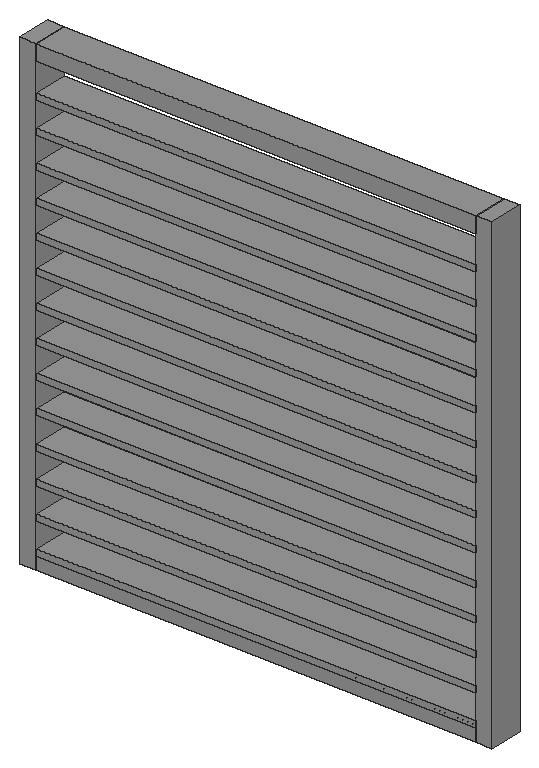
Revit family "DuctAccessories_FireDamper_Kilargo_IFD44", category Duct Accessories, Revit 2014
Parameters
  ZoneServed = ""
  WidthMin = 45 mm  # constant formula
  WidthMax = 1800 mm  # constant formula
  Width [instance] = 600 mm
  WarrantyStartDate = ""
  WarrantyDurationMonths = 0
  URL = "http://www.kilargo.com.au/"
  SystemServed = ""
  StandardsCompliance = ""
  QuanitySurveyorElementID = ""
  ProductCode = ""
  PrecommissioningInspectionTestPlan = ""
  OmniClassElementNumber = ""
  OmniClassElementName = ""
  NoOfBlades [instance] = rounddown((Height - 2 * ChannelWidth) / (BladeThickness * BladeThicknessMultiplier))  # 14
  ModifiedIssue_ANZRS = 20150115.74  # constant formula
  Manufacturer = "Kilargo"  # constant formula
  Location = ""
  Installer = ""
  InstallationDate = ""
  InspectionPanelInstalled = yes
  HeightMin [instance] = 45 mm  # constant formula
  HeightMax [instance] = 1800 mm  # constant formula
  Height [instance] = 600 mm
  FactoryWitnessTest = ""
  FactoryCertificationTest = ""
  ExpectedServiceLifeYears = 0
  DesignClass = ""
  DepthMin = 44 mm  # constant formula
  DepthMax = 44 mm  # constant formula
  Depth = 44 mm
  DamperMaterial = Kilargo_Galvanized_StainlessSteel
  CreatedByURL_ANZRS = "www.thinkbimmepaus.com.au"
  CreatedBy = "A2K Technologies"  # constant formula
  CommissioningTechnician = ""
  CommissioningInspectionTestReport = ""
  CommissioningDate = ""
  ChannelWidth [instance] = if(Height > 250 mm, 20 mm, if(Height > 140 mm, 10 mm, 2.5 mm))  # 20 mm
  Certification = ""
  BladeThicknessMultiplier [instance] = if(Height > 250 mm, 5, if(Height > 140 mm, 4, 3))  # 5
  BladeThickness [instance] = if(Height > 250 mm, 8 mm, if(Height > 140 mm, 6 mm, 1.3 mm))  # 8 mm
  BladeMaterial = Kilargo_Galvanized_StainlessSteel
  BladeDistance [instance] = BladeThicknessMultiplier * BladeThickness  # 40 mm
  Barcode = ""
  AssetIdentifier = ""
Reference planes
  plane 1 "Center (Front/Back)": y = 0
  plane 2: z = 0
  plane 3 "Center (Left/Right)": x = 0
  plane 4: z = 300
  plane 5: z = -300
  plane 6: x = 300
  plane 7: x = -300
  plane 8: x = 280
  plane 9: x = -280
  plane 10: z = 280
  plane 11: z = -280
  plane 12: y = -22
  plane 13: y = 22
Forms (mm)
  Extrusion 1, solid, material "Kilargo_Galvanized_StainlessSteel" <- "DamperMaterial", detail levels fine
    sketch origin (-962.522, -1524, 300) x (-1, 0, 0) y (0, -1, 0)
      loop
        line (-662.522, -1546) -> (-662.522, -1502) -> (-682.522, -1502) -> (-682.522, -1546) -> (-662.522, -1546)
      loop
        line (-1242.522, -1546) -> (-1242.522, -1502) -> (-1262.522, -1502) -> (-1262.522, -1546) -> (-1242.522, -1546)
    from 0 to -600
  Extrusion 2, solid, material "Kilargo_Galvanized_StainlessSteel" <- "DamperMaterial", detail levels fine
    sketch origin (200, -1524, 962.522) x (0, 0, 1) y (0, -1, 0)
      loop
        line (-662.522, -1546) -> (-662.522, -1502) -> (-682.522, -1502) -> (-682.522, -1546) -> (-662.522, -1546)
      loop
        line (-1242.522, -1546) -> (-1242.522, -1502) -> (-1262.522, -1502) -> (-1262.522, -1546) -> (-1242.522, -1546)
    from 80 to -480
  Extrusion 3, solid, material "Kilargo_Galvanized_StainlessSteel" <- "DamperMaterial", detail levels coarse+medium
    sketch origin (-495.833, 22, 1200) x (-1, 0, 0) y (0, 0, 1)
      loop
        line (-795.833, -900) -> (-795.833, -1500) -> (-195.833, -1500) -> (-195.833, -900) -> (-795.833, -900)
    from 0 to -44
Lines and regions (mm)
  symbolic lines, style "DuctAccessory", detail levels coarse
    curve 1: line (-280, 22, 0) -> (280, 22, 0)
    curve 2: line (-280, -22, 0) -> (280, -22, 0)
    curve 3: line (300, 0, 0) -> (-300, 0, 0)
    curve 4: line (300, 0, 0) -> (300, -22, 0)
    curve 5: line (-300, 0, 0) -> (-300, 22, 0)
    curve 6: circle (0, 0, 0) r 22 normal (0, 0, 1)
  symbolic lines, detail levels medium+fine
    curve 7: line (-300, -22, 0) -> (-300, 22, 0)
    curve 8: line (-300, 22, 0) -> (300, 22, 0)
    curve 9: line (300, 22, 0) -> (300, -22, 0)
  model lines, detail levels coarse
    curve 10: line (300, -22, -300) -> (-300, -22, 300)
    curve 11: line (300, -22, 300) -> (-300, -22, -300)
  symbolic lines, style "DuctAccessory"
    curve 12: line (300, -22, 0) -> (-300, -22, 0)
Dimensions and locks
  equal spacing: plane 6, plane 3 "Center (Left/Right)", plane 7
  equal spacing: plane 4, level, plane 5
  "Height": plane 4 to plane 5
  "Width": plane 7 to plane 6
  "ChannelWidth": plane 9 to plane 7
  "ChannelWidth": plane 6 to plane 8
  "ChannelWidth": plane 11 to plane 5
  "ChannelWidth": plane 4 to plane 10
  equal spacing: plane 13, plane 1 "Center (Front/Back)", plane 12
  "Depth": plane 13 to plane 12
  plane 10 to nested 1 = 40 mm
  equal spacing: group 1, group 2, group 3, group 4, group 5, group 6, group 7, group 8, group 9, group 10, group 11, group 12, group 13, group 14  (x2)
  equal spacing: group 14, group 13, group 12, group 11, group 10, group 9, group 8, group 7, group 6, group 5, group 4, group 3, group 2, group 1
  "BladeDistance": plane 10 to nested 1
  "BladeDistance": nested 1 to nested 2
  aligned and locked: level to plane 2
  aligned and locked: Extrusion 1 sketch curve to plane 13  (x2)
  aligned and locked: plane 7 to Extrusion 1 sketch curve
  aligned and locked: plane 12 to Extrusion 1 sketch curve  (x2)
  aligned and locked: plane 9 to Extrusion 1 sketch curve
  aligned and locked: plane 8 to Extrusion 1 sketch curve
  aligned and locked: Extrusion 1 sketch curve to plane 6
  aligned and locked: Extrusion 1 to plane 5
  aligned and locked: Extrusion 2 to plane 9
  aligned and locked: Extrusion 2 to plane 8
  aligned and locked: plane 4 to Extrusion 2
  aligned and locked: Extrusion 2 to plane 10
  aligned and locked: Extrusion 2 to plane 11
  aligned and locked: Extrusion 2 to plane 5
  aligned and locked: Extrusion 3 sketch curve to Extrusion 1  (x4)
  aligned and locked: Extrusion 3 to plane 12
  aligned and locked: plane 10 to Extrusion 2  (x2)
  aligned and locked: curve 7 to Extrusion 1
  aligned and locked: plane 11 to Extrusion 2
  aligned and locked: plane 6 to curve 11
  aligned and locked: plane 7 to curve 10
Automatic sketch dimensions
  Extrusion 2 sketch curve to plane 5 = 0 mm
  plane 11 to Extrusion 2 sketch curve = 0 mm
  Extrusion 2 sketch curve to plane 10 = 0 mm
  Extrusion 2 sketch curve to plane 4 = 0 mm
  Extrusion 2 sketch curve to plane 13 = 0 mm  (x2)
  Extrusion 2 sketch curve to plane 12 = 0 mm  (x2)
  curve 2 to plane 9 = 0 mm
  curve 1 to plane 9 = 0 mm
  plane 1 "Center (Front/Back)" to curve 6 = 0 mm
  curve 6 to plane 3 "Center (Left/Right)" = 0 mm
  curve 1 to plane 8 = 0 mm
  curve 2 to plane 8 = 0 mm
  curve 4 to plane 6 = 0 mm
  curve 7 to plane 12 = 0 mm
  curve 2 to plane 12 = 0 mm
  curve 4 to plane 12 = 0 mm
  plane 1 "Center (Front/Back)" to curve 4 = 0 mm
  curve 1 to plane 13 = 0 mm
  curve 7 to plane 13 = 0 mm
  Extrusion 3 to curve 11 = 0 mm
  curve 10 to Extrusion 3 = 0 mm  (x4)
  curve 11 to Extrusion 3 = 0 mm  (x3)
  curve 12 to plane 7 = 0 mm
  curve 12 to plane 6 = 0 mm
  curve 12 to plane 12 = 0 mm
  radius of curve 6 = 22 mm
Nested families
  nested 1: "DamperBlade" at (0, 0, 240) x (-1, 0, 0) z (0, -1, 0), type "DamperBlade"
    with BladeThickness 8 mm
  nested 2: "DamperBlade" at (0, 0, 200) x (-1, 0, 0) z (0, -1, 0), type "DamperBlade"
    with BladeThickness 8 mm
  nested 3: "DamperBlade" at (0, 0, 160) x (-1, 0, 0) z (0, -1, 0), type "DamperBlade"
    with BladeThickness 8 mm
  nested 4: "DamperBlade" at (0, 0, 120) x (-1, 0, 0) z (0, -1, 0), type "DamperBlade"
    with BladeThickness 8 mm
  nested 5: "DamperBlade" at (0, 0, 80) x (-1, 0, 0) z (0, -1, 0), type "DamperBlade"
    with BladeThickness 8 mm
  nested 6: "DamperBlade" at (0, 0, 40) x (-1, 0, 0) z (0, -1, 0), type "DamperBlade"
    with BladeThickness 8 mm
  nested 7: "DamperBlade" at (0, 0, 0) x (-1, 0, 0) z (0, -1, 0), type "DamperBlade"
    with BladeThickness 8 mm
  nested 8: "DamperBlade" at (0, 0, -40) x (-1, 0, 0) z (0, -1, 0), type "DamperBlade"
    with BladeThickness 8 mm
  nested 9: "DamperBlade" at (0, 0, -80) x (-1, 0, 0) z (0, -1, 0), type "DamperBlade"
    with BladeThickness 8 mm
  nested 10: "DamperBlade" at (0, 0, -120) x (-1, 0, 0) z (0, -1, 0), type "DamperBlade"
    with BladeThickness 8 mm
  nested 11: "DamperBlade" at (0, 0, -160) x (-1, 0, 0) z (0, -1, 0), type "DamperBlade"
    with BladeThickness 8 mm
  nested 12: "DamperBlade" at (0, 0, -200) x (-1, 0, 0) z (0, -1, 0), type "DamperBlade"
    with BladeThickness 8 mm
  nested 13: "DamperBlade" at (0, 0, -240) x (-1, 0, 0) z (0, -1, 0), type "DamperBlade"
    with BladeThickness 8 mm
  nested 14: "DamperBlade" at (0, 0, -280) x (-1, 0, 0) z (0, -1, 0), type "DamperBlade"
    with BladeThickness 8 mm
Connectors
  hvac at (0, -22, 0), driven by "Width", driven by "Height"
    settings: on Extrusion 3, index 1, duct flow 0.0 L/s, flow factor 0, pres drop 0.0 Pa, loss coef 0, conn angle 0.00°, conn width 600 mm, conn height 600 mm, conn diameter 609.6 mm, duct sys type 1, conn prof type 1, flow config 0, flow direction 0, loss method 0, conn ref index 2, conn util no, is conn primary yes, conn desc ""
  hvac at (0, 22, 0), driven by "Width", driven by "Height"
    settings: on Extrusion 3, index 2, duct flow 0.0 L/s, flow factor 0, pres drop 0.0 Pa, loss coef 0, conn angle 0.00°, conn width 600 mm, conn height 600 mm, conn diameter 609.6 mm, duct sys type 29, conn prof type 1, flow config 0, flow direction 0, loss method 0, conn ref index 1, conn util no, is conn primary no, conn desc ""
Definition of nested family "DamperBlade"
  Parameters (values of type "DamperBlade")
    Width = 600 mm
    DamperDepth = 44 mm
    ChannelThickness = 20 mm
    BladeThickness = 15 mm
    BladeMaterial = Kilargo_Galvanized_StainlessSteel
  Reference planes
    plane 1 "Center (Front/Back)": y = 0
    plane 2: z = 0
    plane 3 "Center (Left/Right)": x = 0
    plane 4: x = -300
    plane 5: x = 300
    plane 6: x = 280
    plane 7: x = -280
    plane 8: z = 22
    plane 9: z = -22
    plane 10: y = 7.5
    plane 11: y = -7.5
  Forms (mm)
    Extrusion 1, solid, material "Kilargo_Galvanized_StainlessSteel" <- "BladeMaterial", detail levels fine
      sketch origin (280, 995.175, 1200) x (0, 1, 0) y (0, 0, 1)
        loop
          line (-987.675, -1178) -> (-1002.675, -1178) -> (-1002.675, -1222) -> (-987.675, -1222) -> (-987.675, -1178)
      from 0 to -560
  Lines and regions (mm)
    model lines, detail levels medium
      curve 1: line (300, 0, 22) -> (-300, 0, 22)
  Dimensions and locks
    equal spacing: plane 4, plane 3 "Center (Left/Right)", plane 5
    "Width": plane 4 to plane 5
    "ChannelThickness": plane 4 to plane 7
    "ChannelThickness": plane 6 to plane 5
    equal spacing: plane 9, level, plane 8
    "DamperDepth": plane 9 to plane 8
    equal spacing: plane 10, plane 1 "Center (Front/Back)", plane 11
    "BladeThickness": plane 10 to plane 11
    aligned and locked: level to plane 2
    aligned and locked: plane 8 to Extrusion 1 sketch curve
    aligned and locked: Extrusion 1 sketch curve to plane 10
    aligned and locked: plane 9 to Extrusion 1 sketch curve
    aligned and locked: plane 11 to Extrusion 1 sketch curve
    aligned and locked: Extrusion 1 to plane 7
    aligned and locked: curve 1 to plane 1 "Center (Front/Back)"
    aligned and locked: plane 4 to curve 1
    aligned and locked: plane 5 to curve 1
